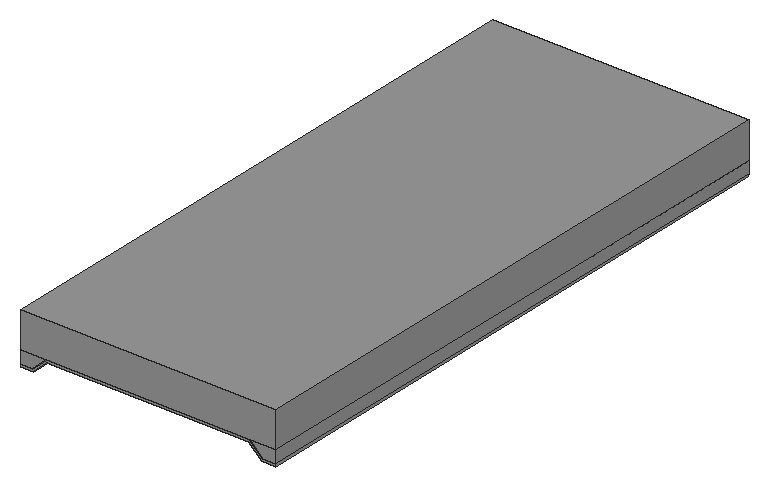
Revit family "闸室底板", category 常规模型, Revit 2019
Family settings
  可将钢筋附着到主体 = 否
  圆形连接件大小 = 使用直径
  零件类型 = 标准
  基于工作平面 = 否
  总是垂直 = 是
  加载时剪切的空心 = 否
  共享 = 否
  房间计算点 = 否
Parameters (values of type "C25")
  齿墙角度 = 45.00°
  齿墙宽度 = 600 mm
  齿墙厚度 = 600 mm
  齿墙 = 钢筋混凝土 C25
  底板长度 [instance] = 27800 mm
  底板宽度 [instance] = 12000 mm
  底板厚度 [instance] = 1700 mm
  底板 = 钢筋混凝土 C25
  垫层厚度 = 100 mm
  垫层 = 素混凝土 C25
Reference planes
  plane 1 "中心(前/后)": y = 0
  plane 2: z = 0
  plane 3 "中心(左/右)": x = 0
  plane 4: y = 13900
  plane 5: y = -13900
  plane 6: x = -6000
  plane 7: x = 6000
  plane 8: z = -1700
  plane 9: z = -2300
  plane 10: x = -5400
  plane 11: z = -1800
Dimensions and locks
  "底板宽度": plane 6 to plane 7
  "底板长度": plane 4 to plane 5
  "底板厚度": level to plane 8
  "齿墙厚度": plane 8 to plane 9
  "齿墙宽度": plane 10 to plane 6
  "垫层厚度": plane 8 to plane 11
  "齿墙角度": angle plane 9 to nested 2
  aligned and locked: level to plane 2
  aligned and locked: nested 1 to plane 6
  aligned and locked: plane 7 to nested 1
  aligned and locked: nested 1 to plane 4
  aligned and locked: plane 5 to nested 1
  aligned and locked: nested 2 to plane 4
  aligned and locked: nested 2 to plane 5
  aligned and locked: nested 2 to plane 6
  aligned and locked: plane 7 to nested 2
  aligned and locked: plane 10 to nested 2  (x2)
  aligned and locked: nested 2 to plane 9  (x2)
  aligned and locked: nested 3 to plane 6
  aligned and locked: nested 3 to plane 7
  aligned and locked: plane 5 to nested 3
  aligned and locked: nested 3 to plane 4
  aligned and locked: nested 3 to plane 11
  aligned and locked: plane 8 to nested 3
  aligned and locked: plane 10 to nested 3
Nested families
  nested 1: "底板" at (0, 13900, 0), type "底板"
  nested 2: "齿墙" at (0, 13900, -1700), type "齿墙"
  nested 3: "垫层" at (0, 13900, -1700), type "垫层"
Definition of nested family "底板"
  Parameters (values of type "底板")
    底板长度 = 27800 mm
    底板宽度 = 12000 mm
    底板厚度 = 1700 mm
    底板 = none
  Reference planes
    plane 1 "中心(前/后)": y = 0
    plane 2: z = 0
    plane 3 "中心(左/右)": x = 0
    plane 4: x = -6000
    plane 5: x = 6000
    plane 6: z = -1700
    plane 7: y = -27800
  Forms (mm)
    Extrusion 1, solid, material <- "底板"
      sketch origin (0, 0, 0) x (1, 0, 0) y (0, 0, 1)
        loop
          line (-6000, 0) -> (-6000, -1700) -> (6000, -1700) -> (6000, 0) -> (-6000, 0)
      from 0 to 27800
  Dimensions and locks
    equal spacing: plane 5, plane 3 "中心(左/右)", plane 4
    "底板长度": plane 7 to plane 1 "中心(前/后)"
    "底板宽度": plane 5 to plane 4
    "底板厚度": level to plane 6
    aligned and locked: level to plane 2
    aligned and locked: plane 4 to Extrusion 1 sketch curve
    aligned and locked: Extrusion 1 sketch curve to plane 2
    aligned and locked: Extrusion 1 sketch curve to plane 5
    aligned and locked: plane 6 to Extrusion 1 sketch curve
    aligned and locked: Extrusion 1 sketch curve to plane 4
    aligned and locked: Extrusion 1 to plane 7
Definition of nested family "齿墙"
  Parameters (values of type "齿墙")
    齿墙角度 = 45.00°
    齿墙宽度 = 600 mm
    齿墙厚度 = 600 mm
    齿墙 = none
    底板长度 = 27800 mm
    底板宽度 = 12000 mm
    t1 = 齿墙厚度 / (tan(齿墙角度) * 1)  # 600 mm
  Reference planes
    plane 1 "中心(前/后)": y = 0
    plane 2: z = 0
    plane 3 "中心(左/右)": x = 0
    plane 4: z = -600
    plane 5: x = -6000
    plane 6: x = -5400
    plane 7: x = 6000
    plane 8: x = 5400
    plane 9: x = -4800
    plane 10: x = 4800
    plane 11: y = -27800
  Forms (mm)
    Extrusion 1, solid, material <- "齿墙"
      sketch origin (0, 0, 0) x (1, 0, 0) y (0, 0, 1)
        loop
          line (-6000, 0) -> (-6000, -600) -> (-5400, -600) -> (-4800, 0) -> (-6000, 0)
        loop
          line (6000, 0) -> (4800, 0) -> (5400, -600) -> (6000, -600) -> (6000, 0)
      from 0 to 27800
  Dimensions and locks
    equal spacing: plane 10, plane 3 "中心(左/右)", plane 9
    equal spacing: plane 8, plane 3 "中心(左/右)", plane 6
    equal spacing: plane 7, plane 3 "中心(左/右)", plane 5
    "齿墙厚度": plane 2 to plane 4
    "齿墙宽度": plane 6 to plane 5
    "底板宽度": plane 7 to plane 5
    "t1": plane 9 to plane 6
    "底板长度": plane 11 to plane 1 "中心(前/后)"
    "齿墙角度": angle plane 4 to Extrusion 1
    aligned and locked: level to plane 2
    aligned and locked: Extrusion 1 sketch curve to plane 5
    aligned and locked: Extrusion 1 sketch curve to plane 4  (x2)
    aligned and locked: plane 9 to Extrusion 1 sketch curve
    aligned and locked: plane 2 to Extrusion 1 sketch curve
    aligned and locked: Extrusion 1 sketch curve to plane 2  (x2)
    aligned and locked: plane 7 to Extrusion 1 sketch curve
    aligned and locked: plane 8 to Extrusion 1 sketch curve
    aligned and locked: Extrusion 1 to plane 11
  Automatic sketch dimensions
    Extrusion 1 sketch curve to plane 6 = 0 mm
    plane 10 to Extrusion 1 sketch curve = 0 mm
Definition of nested family "垫层"
  Parameters (values of type "垫层")
    齿墙角度 = 45.00°
    齿墙宽度 = 600 mm
    齿墙厚度 = 600 mm
    底板长度 = 27800 mm
    底板宽度 = 12000 mm
    垫层厚度 = 100 mm
    垫层 = none
    t2 = 垫层厚度 / (sin(齿墙角度) * 1) - 垫层厚度 / (tan(齿墙角度) * 1)  # 41.421 mm
    t1 = 齿墙厚度 / (tan(齿墙角度) * 1)  # 600 mm
  Reference planes
    plane 1 "中心(前/后)": y = 0
    plane 2: z = 0
    plane 3 "中心(左/右)": x = 0
    plane 4: z = -100
    plane 5: x = -6000
    plane 6: x = -5400
    plane 7: x = -4800
    plane 8: x = 6000
    plane 9: x = 5400
    plane 10: x = 4800
    plane 11: z = -600
    plane 12: z = -700
    plane 13: x = -5358.579
    plane 14: x = -4758.579
    plane 15: x = 4758.579
    plane 16: x = 5358.579
    plane 17: y = -27800
  Forms (mm)
    Extrusion 1, solid, material <- "垫层"
      sketch origin (0, 0, 0) x (1, 0, 0) y (0, 0, 1)
        loop
          line (-6000, -600) -> (-6000, -700) -> (-5358.579, -700) -> (-4758.579, -100) -> (4758.579, -100) -> (5358.579, -700) -> (6000, -700) -> (6000, -600) -> (5400, -600) -> (4800, 0) -> (-4800, 0) -> (-5400, -600) -> (-6000, -600)
      from 0 to 27800
  Dimensions and locks
    equal spacing: plane 10, plane 3 "中心(左/右)", plane 7
    equal spacing: plane 9, plane 3 "中心(左/右)", plane 6
    equal spacing: plane 8, plane 3 "中心(左/右)", plane 5
    "齿墙厚度": plane 2 to plane 11
    "垫层厚度": plane 2 to plane 4
    "垫层厚度": plane 11 to plane 12
    "t2": plane 13 to plane 6
    "t2": plane 14 to plane 7
    "底板宽度": plane 8 to plane 5
    equal spacing: plane 15, plane 3 "中心(左/右)", plane 14
    equal spacing: plane 16, plane 3 "中心(左/右)", plane 13
    "齿墙宽度": plane 6 to plane 5
    "t1": plane 7 to plane 6
    "底板长度": plane 17 to plane 1 "中心(前/后)"
    "齿墙角度": angle plane 11 to Extrusion 1
    aligned and locked: level to plane 2
    aligned and locked: Extrusion 1 to plane 17
    aligned and locked: plane 5 to Extrusion 1 sketch curve  (x2)
    aligned and locked: Extrusion 1 sketch curve to plane 11
    aligned and locked: Extrusion 1 sketch curve to plane 2
    aligned and locked: plane 11 to Extrusion 1 sketch curve
    aligned and locked: Extrusion 1 sketch curve to plane 12
    aligned and locked: plane 8 to Extrusion 1 sketch curve
    aligned and locked: Extrusion 1 sketch curve to plane 4
    aligned and locked: plane 12 to Extrusion 1 sketch curve
  Automatic sketch dimensions
    Extrusion 1 sketch curve to plane 6 = 0 mm
    Extrusion 1 sketch curve to plane 13 = 0 mm
    Extrusion 1 sketch curve to plane 7 = 0 mm
    Extrusion 1 sketch curve to plane 14 = 0 mm
    Extrusion 1 sketch curve to plane 15 = 0 mm
    plane 10 to Extrusion 1 sketch curve = 0 mm
    Extrusion 1 sketch curve to plane 16 = 0 mm
    plane 9 to Extrusion 1 sketch curve = 0 mm
